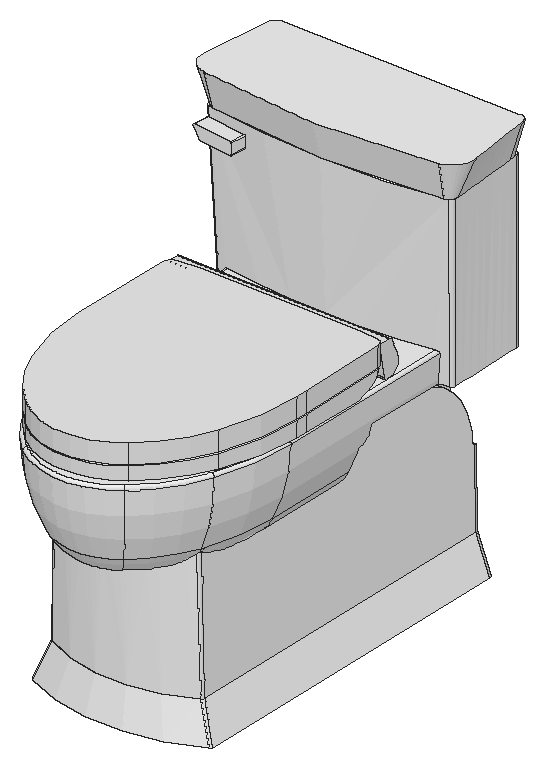
Revit family "Toilet-Elongated_Contemporary_Eco-Soiree_MS964214CEFG_TOTO", category Plumbing Fixtures, host Face, Revit 2013
Parameters
  ecoScorecard_data = "http://toto.ecoscorecard.com/product/MS964214CEFG"
  ecoScorecard Product Page = "http://toto.ecoscorecard.com/product/MS964214CEFG"
  Width = 1' - 5 3/4"  # constant formula
  WaterSense = yes
  Waste Connection NPT Radius = 0' - 1 3/32"  # constant formula
  Waste Connection = yes
  Warranty URL = "http://www.totousa.com/warranty-registration"
  Warranty = "One Year Limited Warranty"  # constant formula
  WFU = 0
  Vent Connection = yes
  URL = "http://www.totousa.com"
  Toto BIM Number = "BM-00116"  # constant formula
  Subcategory = "Toilets"  # constant formula
  Style = "Contemporary"  # constant formula
  Spec Sheet URL = "http://assets.totousa.com/product-files/SS-00401_MS964214CEFG.pdf"
  Shipping Weight = 120.00 lbf
  Series = "Eco Soiree"  # constant formula
  SanoGloss Note = "Ebony not available in SanoGloss"  # constant formula
  SanoGloss Available = yes
  Rough in Distance = 1' - 0"  # constant formula
  Rough in Availability = "10”,12”,14”"  # constant formula
  Product Page URL = " "
  Parts Manual URL = " "
  Mount Type = "Floor-Mounted"  # constant formula
  Model = "MS964214CEFG"  # constant formula
  Manufacturer Phone - Toll Free = "1-888-295-8134"  # constant formula
  Manufacturer Phone = "(770) 282-8686 "  # constant formula
  Manufacturer Fax = "(770) 282-0002"  # constant formula
  Manufacturer Email = "mailto:custservice@totousa.com "
  Manufacturer Address = "1155 Southern Road, Morrow, Georgia 30260"  # constant formula
  Manufacturer = "TOTO USA, Inc."  # constant formula
  Lid [instance] = yes
  Length = 2' - 4 1/8"  # constant formula
  Installation URL = " "
  Industry Standards = "Meets and exceeds ASME A112.19.2/CSA B45.1"  # constant formula
  Height = 2' - 3 3/4"  # constant formula
  HWFU = 0
  HW Connection = no
  Gallons Per Flush = 1.28 gal
  Flush System = "Double Cyclon"  # constant formula
  Finish = Vitreous China - TOTO - 01 Cotton
  Description = "Eco SoirÃ©eÂ® One Piece Toilet, Universal Height, 1.28 GPF"  # constant formula
  Default Elevation = 0' - 0"
  Cost Info = "mailto:custservice@totousa.com "
  Color Availability = "#01 Cotton, #03 Bone, #11 Colonial White, #12 Sedona Beige, #51 Ebony"  # constant formula
  Cold Water Connection NPT Radius = 0' - 0 1/4"  # constant formula
  Code Compliance = "UPC, IPC, NSPC, NPC Canada, and others"  # constant formula
  Certifications = "IAPMO (cUPC), State of Massachusetts, City of Los Angeles, and others"  # constant formula
  CWFU = 0
  CW Connection = yes
  CAD Drawing URL = "http://assets.totousa.com/product-files/AD-00180_MS964214C.dxf"
  Bowl Material = "Vitreous China"  # constant formula
  Assembly Code = "D2010110"
  ADA Compliant = yes
  95 CSI = "15410-800 "  # constant formula
  04 CSI = "22 42 13"  # constant formula
Types (2): name | ecoScorecard_data | ecoScorecard Product Page
  (no name) | "http://toto.ecoscorecard.com/product/MS964214CEFG" | "http://toto.ecoscorecard.com/product/MS964214CEFG"
  MS964214CEFG | " " | "  "
Reference planes (in)
  plane 1 "Center (Front/Back)": y = 0
  plane 2: z = 0
  plane 3 "Center (Left/Right)": x = 0
  plane 4: y = 14.0625
  plane 5 "Wall Closure": y = 14.8125
  plane 6: x = 8.875
  plane 7: x = -8.875
  plane 8: z = 27.75
  plane 9: z = 25.3841
  plane 10: y = 6.6875
  plane 11: z = 16.125
  plane 12: y = -14.0625
  plane 13: x = 7
  plane 14: x = -7
  plane 15: z = 13.9341
  plane 16: x = 5.875
  plane 17: x = -5.875
  plane 18: z = 2.375
  plane 19: z = 4.5
  plane 20: x = -8
  plane 21: y = 2.27823
  plane 22: z = 17.25
  plane 23: z = 9
  plane 24: y = 11.8575
  plane 25: y = -10.4255
Forms (in)
  Blend 1, solid, material "Vitreous China - TOTO - 01 Cotton" <- "Finish"
    base sketch origin (-23.875, -180, 25.3841) x (-1, 0, 0) y (0, -1, 0)
      loop
        arc (-16.33997, -187.96685) -> (-23.875, -187.3125) -> (-31.41003, -187.96685) r 43.71094
        arc (-31.41003, -187.96685) -> (-31.77431, -188.18614) -> (-31.89658, -188.59337) r 0.59
        line (-31.89658, -188.59337) -> (-31.5305, -193.34245)
        arc (-31.5305, -193.34245) -> (-31.28274, -193.85485) -> (-30.75281, -194.0625) r 0.78
        line (-30.75281, -194.0625) -> (-16.99719, -194.0625)
        arc (-16.99719, -194.0625) -> (-16.46726, -193.85485) -> (-16.2195, -193.34245) r 0.78
        line (-16.2195, -193.34245) -> (-15.85342, -188.59337)
        arc (-15.85342, -188.59337) -> (-15.97569, -188.18614) -> (-16.33997, -187.96685) r 0.59
    top sketch origin (-23.875, -180, 25.3841) x (-1, 0, 0) y (0, -1, 0)
      loop
        arc (-16.13655, -193.9625) -> (-15.74504, -193.81388) -> (-15.55077, -193.4429) r 0.59
        line (-15.55077, -193.4429) -> (-15.01041, -188.94659)
        arc (-15.01041, -188.94659) -> (-15.28452, -187.91488) -> (-16.19317, -187.3546) r 1.44156
        arc (-16.19317, -187.3546) -> (-23.875, -186.6875) -> (-31.55683, -187.3546) r 44.5625
        arc (-31.55683, -187.3546) -> (-32.46548, -187.91488) -> (-32.73959, -188.94659) r 1.44156
        line (-32.73959, -188.94659) -> (-32.19923, -193.4429)
        arc (-32.19923, -193.4429) -> (-32.00496, -193.81388) -> (-31.61345, -193.9625) r 0.59
        line (-31.61345, -193.9625) -> (-16.13655, -193.9625)
    from 0 to 2.3659
  Blend 2, solid, material "Vitreous China - TOTO - 01 Cotton"
    base sketch origin (-23.875, -180, 13.9341) x (-1, 0, 0) y (0, -1, 0)
      loop
        arc (-16.47545, -194.0625) -> (-16.29979, -193.99039) -> (-16.22547, -193.81565) r 0.25
        line (-16.22547, -193.81565) -> (-16.16117, -188.71899)
        arc (-16.16117, -188.71899) -> (-16.21863, -188.55636) -> (-16.36772, -188.46964) r 0.25
        arc (-16.36772, -188.46964) -> (-23.875, -187.8125) -> (-31.38228, -188.46964) r 43.21094
        arc (-31.38228, -188.46964) -> (-31.53137, -188.55636) -> (-31.58883, -188.71899) r 0.25
        line (-31.58883, -188.71899) -> (-31.52453, -193.81565)
        arc (-31.52453, -193.81565) -> (-31.45021, -193.99039) -> (-31.27455, -194.0625) r 0.25
        line (-31.27455, -194.0625) -> (-16.47545, -194.0625)
    top sketch origin (-23.875, -180, 13.9341) x (-1, 0, 0) y (0, -1, 0)
      loop
        arc (-31.71581, -188.02149) -> (-31.86896, -188.11479) -> (-31.92022, -188.28665) r 0.25
        line (-31.92022, -188.28665) -> (-31.49279, -193.83171)
        arc (-31.49279, -193.83171) -> (-31.41338, -193.99594) -> (-31.24353, -194.0625) r 0.25
        line (-31.24353, -194.0625) -> (-16.50647, -194.0625)
        arc (-16.50647, -194.0625) -> (-16.33662, -193.99594) -> (-16.25721, -193.83171) r 0.25
        line (-16.25721, -193.83171) -> (-15.82978, -188.28665)
        arc (-15.82978, -188.28665) -> (-15.88104, -188.11479) -> (-16.03419, -188.02149) r 0.25
        arc (-16.03419, -188.02149) -> (-23.875, -187.3125) -> (-31.71581, -188.02149) r 43.71094
    from 0 to 11.45
  Blend 3, solid, material "Vitreous China - TOTO - 01 Cotton" <- "Finish"
    base sketch origin (0, 0, 0) x (1, 0, 0) y (0, 1, 0)
      loop
        arc (-5.875, -8.78969) -> (-5.83893, -8.91905) -> (-5.74113, -9.01108) r 0.25
        arc (-5.74113, -9.01108) -> (0, -10.4255) -> (5.74113, -9.01108) r 12.35884
        arc (5.74113, -9.01108) -> (5.83893, -8.91905) -> (5.875, -8.78969) r 0.25
        line (5.875, -8.78969) -> (5.875, 13.8125)
        arc (5.875, 13.8125) -> (5.80178, 13.98928) -> (5.625, 14.0625) r 0.25
        line (5.625, 14.0625) -> (-5.625, 14.0625)
        arc (-5.625, 14.0625) -> (-5.80178, 13.98928) -> (-5.875, 13.8125) r 0.25
        line (-5.875, 13.8125) -> (-5.875, -8.78969)
    top sketch origin (0, 0, 0) x (1, 0, 0) y (0, 1, 0)
      loop
        arc (-4.96875, -8.32432) -> (-4.9346, -8.45044) -> (-4.8415, -8.54211) r 0.25
        arc (-4.8415, -8.54211) -> (0, -9.8125) -> (4.8415, -8.54211) r 9.86078
        arc (4.8415, -8.54211) -> (4.9346, -8.45044) -> (4.96875, -8.32432) r 0.25
        line (4.96875, -8.32432) -> (4.96875, 13.8125)
        arc (4.96875, 13.8125) -> (4.89553, 13.98928) -> (4.71875, 14.0625) r 0.25
        line (4.71875, 14.0625) -> (-4.71875, 14.0625)
        arc (-4.71875, 14.0625) -> (-4.89553, 13.98928) -> (-4.96875, 13.8125) r 0.25
        line (-4.96875, 13.8125) -> (-4.96875, -8.32432)
    from 0 to 2.375
  Blend 4, solid, material "Vitreous China - TOTO - 01 Cotton"
    base sketch origin (-23.875, -180, 2.375) x (-1, 0, 0) y (0, -1, 0)
      loop
        arc (-19.0335, -171.45789) -> (-23.875, -170.1875) -> (-28.7165, -171.45789) r 9.86078
        arc (-28.7165, -171.45789) -> (-28.8096, -171.54956) -> (-28.84375, -171.67568) r 0.25
        line (-28.84375, -171.67568) -> (-28.84375, -193.8125)
        arc (-28.84375, -193.8125) -> (-28.77053, -193.98928) -> (-28.59375, -194.0625) r 0.25
        line (-28.59375, -194.0625) -> (-19.15625, -194.0625)
        arc (-19.15625, -194.0625) -> (-18.97947, -193.98928) -> (-18.90625, -193.8125) r 0.25
        line (-18.90625, -193.8125) -> (-18.90625, -171.67568)
        arc (-18.90625, -171.67568) -> (-18.9404, -171.54956) -> (-19.0335, -171.45789) r 0.25
    top sketch origin (-23.875, -180, 2.375) x (-1, 0, 0) y (0, -1, 0)
      loop
        arc (-19.25794, -171.3352) -> (-23.875, -170.1875) -> (-28.49206, -171.3352) r 9.86078
        arc (-28.49206, -171.3352) -> (-28.5892, -171.42719) -> (-28.625, -171.5561) r 0.25
        line (-28.625, -171.5561) -> (-28.625, -193.8125)
        arc (-28.625, -193.8125) -> (-28.55178, -193.98928) -> (-28.375, -194.0625) r 0.25
        line (-28.375, -194.0625) -> (-19.375, -194.0625)
        arc (-19.375, -194.0625) -> (-19.19822, -193.98928) -> (-19.125, -193.8125) r 0.25
        line (-19.125, -193.8125) -> (-19.125, -171.5561)
        arc (-19.125, -171.5561) -> (-19.1608, -171.42719) -> (-19.25794, -171.3352) r 0.25
    from 0 to 11.5591
  Revolve 5, void
    sketch origin (-23.875, -180, 16.125) x (-1, 0, 0) y (0, -1, 0)
      loop
        arc (-23.875, -167.62502) -> (-25.05586, -167.83349) -> (-26.08749, -168.44474) r 3.34759
        arc (-26.08749, -168.44474) -> (-27.41084, -169.9107) -> (-28.34254, -171.65203) r 8.14641
        arc (-28.34254, -171.65203) -> (-28.97444, -173.86919) -> (-29.1875, -176.16478) r 12.47334
        line (-29.1875, -176.16478) -> (-29.1875, -176.62499)
        arc (-29.1875, -176.62499) -> (-27.64956, -180.3373) -> (-23.93725, -181.87499) r 5.25
        line (-23.93725, -181.87499) -> (-23.875, -181.87499) -> (-23.875, -167.62502)
      axis (-23.875, -167.62502) -> (-23.875, -181.87499)
    angle from 0 to 180
  Extrusion 6, solid, material "Metal", detail levels fine
    sketch origin (7, 14.8125, 48) x (-1, 0, 0) y (0, 0, 1)
      loop
        circle (15, -43.5) r 0.25
    from 0 to 0.25
  Sweep 7, solid, material "Vitreous China - TOTO - 01 Cotton"
    path origin (-23.87752, -179.97061, 16.125) x (-1, 0, 0) y (0, -1, 0)
      loop
        line (-30.87752, -194.03311) -> (-30.87752, -176.14208)
        arc (-30.87752, -176.14208) -> (-30.63567, -173.5361) -> (-29.91838, -171.01913) r 14.16084
        arc (-29.91838, -171.01913) -> (-28.7937, -168.91727) -> (-27.19632, -167.14779) r 9.83391
        arc (-27.19632, -167.14779) -> (-23.87752, -165.90811) -> (-20.55872, -167.14779) r 5.0623
        arc (-20.55872, -167.14779) -> (-18.96134, -168.91727) -> (-17.83667, -171.01913) r 9.83391
        arc (-17.83667, -171.01913) -> (-17.11937, -173.5361) -> (-16.87752, -176.14208) r 14.16084
        line (-16.87752, -176.14208) -> (-16.87752, -194.03311)
    profile origin (-7, 5.11699, 16.125) x (-1, 0, 0) y (0, 0, 1)
      loop
        line (-4.62248, 0) -> (-4.62248, -6.67121) -> (-4.07348, -6.67121)
        arc (-4.07348, -6.67121) -> (-2.38876, -6.20046) -> (-1.19209, -4.92457) r 3.25
        arc (-1.19209, -4.92457) -> (-0.31839, -2.63268) -> (0.0016, -0.20087) r 10.53389
        arc (0.0016, -0.20087) -> (-0.05541, -0.05901) -> (-0.19646, 0) r 0.19807
        line (-0.19646, 0) -> (-4.62248, 0)
  Extrusion 8, solid, material "Vitreous China - TOTO - 01 Cotton"
    sketch origin (-23.875, -180, 16.125) x (-1, 0, 0) y (0, -1, 0)
      loop
        arc (-25.60616, -172.71999) -> (-26.08954, -174.41573) -> (-26.25252, -176.17147) r 9.53836
        line (-26.25252, -176.17147) -> (-26.25252, -194.0625) -> (-21.49748, -194.0625) -> (-21.49748, -176.17147)
        arc (-21.49748, -176.17147) -> (-21.66046, -174.41573) -> (-22.14384, -172.71999) r 9.53836
        arc (-22.14384, -172.71999) -> (-22.73991, -171.60572) -> (-23.58666, -170.66768) r 5.21144
        arc (-23.58666, -170.66768) -> (-23.875, -170.55998) -> (-24.16334, -170.66768) r 0.43982
        arc (-24.16334, -170.66768) -> (-25.01009, -171.60572) -> (-25.60616, -172.71999) r 5.21144
    from 0 to -6.67121
  Extrusion 9, void
    sketch origin (0, 0, 0) x (0, -1, 0) y (0, 0, 1)
      loop
        arc (-13.61113, 7.69304) -> (-13.58105, 8.2727) -> (-13.4818, 8.8446) r 4.84003
        arc (-13.4818, 8.8446) -> (-13.28031, 11.7123) -> (-14.00054, 14.4954) r 8.92869
        arc (-14.00054, 14.4954) -> (-14.04684, 14.63936) -> (-14.0625, 14.78977) r 0.73024
        line (-14.0625, 14.78977) -> (-14.8125, 14.78977) -> (-14.8125, 7.21433) -> (-14.0625, 7.21433) -> (-14.0625, 7.31628)
        arc (-14.0625, 7.31628) -> (-14.02597, 7.40447) -> (-13.93778, 7.441) r 0.12472
        line (-13.93778, 7.441) -> (-13.86112, 7.441)
        arc (-13.86112, 7.441) -> (-13.68362, 7.51495) -> (-13.61113, 7.69304) r 0.25
    from 8.875 to -8.875
  Extrusion 10, void
    sketch origin (-8.875, 2.76529, 48) x (0, 1, 0) y (0, 0, -1)
      loop
        line (12.04721, 33.86716) -> (12.04721, 40.559) -> (11.09582, 40.559)
        arc (11.09582, 40.559) -> (10.91833, 40.48505) -> (10.84583, 40.30696) r 0.25
        arc (10.84583, 40.30696) -> (10.81576, 39.7273) -> (10.71651, 39.1554) r 4.84003
        arc (10.71651, 39.1554) -> (8.99667, 36.45188) -> (5.97033, 35.39923) r 4.87665
        line (5.97033, 35.39923) -> (-0.48707, 35.39923)
        arc (-0.48707, 35.39923) -> (-0.472, 35.24227) -> (-0.4577, 35.08523) r 31.89615
        arc (-0.4577, 35.08523) -> (-0.0234, 34.89275) -> (0.1548, 34.4524) r 0.63317
        line (0.1548, 34.4524) -> (0.1548, 33.98488)
        arc (0.1548, 33.98488) -> (0.18928, 33.90164) -> (0.27252, 33.86716) r 0.11772
        line (0.27252, 33.86716) -> (12.04721, 33.86716)
    from -5.17942 to 0
  Extrusion 11, void
    sketch origin (8.875, 2.76529, 48) x (0, 1, 0) y (0, 0, 1)
      loop
        line (10.71651, -39.1554) -> (12.04721, -39.1554) -> (12.04721, -33.86716) -> (0.27252, -33.86716)
        arc (0.27252, -33.86716) -> (0.18928, -33.90164) -> (0.1548, -33.98488) r 0.11772
        line (0.1548, -33.98488) -> (0.1548, -34.4524)
        arc (0.1548, -34.4524) -> (-0.0234, -34.89275) -> (-0.4577, -35.08523) r 0.63317
        arc (-0.4577, -35.08523) -> (-0.472, -35.24227) -> (-0.48707, -35.39923) r 31.89615
        line (-0.48707, -35.39923) -> (5.97033, -35.39923)
        arc (5.97033, -35.39923) -> (8.99667, -36.45188) -> (10.71651, -39.1554) r 4.87665
    from 0 to -5.1875
  Extrusion 12, void
    sketch origin (7, 14.8125, 48) x (1, 0, 0) y (0, 0, 1)
      loop
        line (-11.77523, -35.39923) -> (-13.41389, -35.39923)
        arc (-13.41389, -35.39923) -> (-13.13629, -36.11039) -> (-12.80791, -36.79957) r 10.53389
        arc (-12.80791, -36.79957) -> (-12.38214, -37.42517) -> (-11.82323, -37.93534) r 3.25
        line (-11.82323, -37.93534) -> (-11.77523, -35.39923)
      loop
        line (-2.22477, -35.39923) -> (-2.17677, -37.93534)
        arc (-2.17677, -37.93534) -> (-1.61786, -37.42517) -> (-1.19209, -36.79957) r 3.25
        arc (-1.19209, -36.79957) -> (-0.86371, -36.11039) -> (-0.58611, -35.39923) r 10.53389
        line (-0.58611, -35.39923) -> (-2.22477, -35.39923)
    from 0 to 12.53427
  Extrusion 13, solid, material "Polished Chrome", detail levels fine
    sketch origin (6.35256, 5.20489, 48.8107) x (-0.992546, 0.121869, 0) y (0, 0, 1)
      loop
        arc (11.78944, -24.0366) -> (11.73813, -24.05786) -> (11.71688, -24.10917) r 0.07256
        line (11.71688, -24.10917) -> (11.71688, -24.78662)
        arc (11.71688, -24.78662) -> (11.7307, -24.81998) -> (11.76407, -24.8338) r 0.04719
        line (11.76407, -24.8338) -> (13.93822, -24.8338)
        arc (13.93822, -24.8338) -> (14.02892, -24.81161) -> (14.09914, -24.75003) r 0.19645
        line (14.09914, -24.75003) -> (14.48513, -24.19878)
        arc (14.48513, -24.19878) -> (14.49212, -24.09208) -> (14.40071, -24.0366) r 0.10306
        line (14.40071, -24.0366) -> (11.78944, -24.0366)
    from 0 to 0.98828
  Extrusion 14, void
    sketch origin (-23.875, -180, 16.125) x (0, -1, 0) y (-1, 0, 0)
      loop
        arc (-179.17533, -22.75) -> (-180, -23.875) -> (-179.17533, -25) r 1.17969
        arc (-179.17533, -25) -> (-178.01758, -24.86132) -> (-176.92533, -24.45313) r 4.90201
        arc (-176.92533, -24.45313) -> (-176.57056, -23.875) -> (-176.92533, -23.29687) r 0.64844
        arc (-176.92533, -23.29687) -> (-178.01758, -22.88868) -> (-179.17533, -22.75) r 4.90201
    from 0 to 7.125
  Extrusion 15, solid, material "Polypropylene", visible <- "Lid"
    sketch origin (-0.00056, -4.4375, 16.125) x (1, 0, 0) y (0, 1, 0)
      loop
        arc (-3.37958, -8.11342) -> (0.00112, -9.375) -> (3.38126, -8.11196) r 5.15747
        arc (3.38126, -8.11196) -> (4.99589, -6.32435) -> (6.13416, -4.20141) r 9.96061
        arc (6.13416, -4.20141) -> (6.8611, -1.65629) -> (7.10621, 0.97923) r 14.29131
        line (7.10621, 0.97923) -> (7.10621, 1.74742)
        arc (7.10621, 1.74742) -> (7.0839, 4.71197) -> (7.01697, 7.67584) r 196.96811
        arc (7.01697, 7.67584) -> (6.85863, 8.06078) -> (6.48571, 8.24566) r 0.59055
        arc (6.48571, 8.24566) -> (5.9004, 8.3074) -> (5.31451, 8.3633) r 58.90699
        arc (5.31451, 8.3633) -> (0.04963, 8.6029) -> (-5.21563, 8.37215) r 59.055
        arc (-5.21563, 8.37215) -> (-5.85397, 8.31206) -> (-6.49161, 8.24504) r 59.055
        arc (-6.49161, 8.24504) -> (-6.86065, 8.05861) -> (-7.01697, 7.67584) r 0.59055
        arc (-7.01697, 7.67584) -> (-7.0839, 4.71197) -> (-7.10621, 1.74742) r 196.96811
        line (-7.10621, 1.74742) -> (-7.10621, 0.97923)
        arc (-7.10621, 0.97923) -> (-6.8611, -1.65629) -> (-6.13416, -4.20141) r 14.29131
        arc (-6.13416, -4.20141) -> (-4.99524, -6.32526) -> (-3.37958, -8.11342) r 9.96061
    from 1.22544 to 2.5
  Extrusion 16, solid, material "Polypropylene"
    sketch origin (-0.00056, -4.4375, 16.125) x (1, 0, 0) y (0, 1, 0)
      loop
        arc (-3.37958, -8.11342) -> (0.00056, -9.375) -> (3.38043, -8.11268) r 5.15747
        arc (3.38043, -8.11268) -> (4.99557, -6.3248) -> (6.13416, -4.20141) r 9.96061
        arc (6.13416, -4.20141) -> (6.8611, -1.65629) -> (7.10621, 0.97923) r 14.29131
        line (7.10621, 0.97923) -> (7.10621, 1.74742)
        arc (7.10621, 1.74742) -> (7.0839, 4.71197) -> (7.01697, 7.67584) r 196.96811
        arc (7.01697, 7.67584) -> (6.86065, 8.05861) -> (6.49161, 8.24504) r 0.59055
        arc (6.49161, 8.24504) -> (5.79693, 8.31771) -> (5.10145, 8.38216) r 59.055
        line (5.10145, 8.38216) -> (5.10145, 8.08557) -> (0, 8.08557) -> (-5.10145, 8.08557) -> (-5.10145, 8.38216)
        arc (-5.10145, 8.38216) -> (-5.79693, 8.31771) -> (-6.49161, 8.24504) r 59.055
        arc (-6.49161, 8.24504) -> (-6.86065, 8.05861) -> (-7.01697, 7.67584) r 0.59055
        arc (-7.01697, 7.67584) -> (-7.0839, 4.71197) -> (-7.10621, 1.74742) r 196.96811
        line (-7.10621, 1.74742) -> (-7.10621, 0.97923)
        arc (-7.10621, 0.97923) -> (-6.8611, -1.65629) -> (-6.13416, -4.20141) r 14.29131
        arc (-6.13416, -4.20141) -> (-4.99524, -6.32526) -> (-3.37958, -8.11342) r 9.96061
      loop
        arc (-4, 2.16691) -> (-3.5144, -2.0863) -> (-2.01596, -6.09633) r 17.59326
        arc (-2.01596, -6.09633) -> (0.05388, -7.01704) -> (2.07193, -5.98778) r 2.63087
        arc (2.07193, -5.98778) -> (3.52855, -2.0269) -> (4, 2.16691) r 17.59326
        arc (4, 2.16691) -> (0, 4.98077) -> (-4, 2.16691) r 4.25
    from 0 to 1.125
  Extrusion 17, solid, material "Polypropylene", visible <- "Lid"
    sketch origin (-0.00056, -4.38427, 16.125) x (0, 1, 0) y (0, 0, 1)
      loop
        arc (8.27845, 0.31833) -> (8.34321, 0.21667) -> (8.46088, 0.19059) r 0.15748
        arc (8.46088, 0.19059) -> (8.68184, 0.20743) -> (8.89519, 0.26731) r 1.12339
        arc (8.89519, 0.26731) -> (9.31068, 0.57216) -> (9.32177, 1.08738) r 0.58259
        arc (9.32177, 1.08738) -> (9.14599, 1.56601) -> (8.89207, 2.00818) r 3.01567
        line (8.89207, 2.00818) -> (8.99874, 2.00818) -> (8.84753, 2.33245)
        arc (8.84753, 2.33245) -> (8.77638, 2.41432) -> (8.67265, 2.44607) r 0.19685
        arc (8.67265, 2.44607) -> (8.28683, 2.45276) -> (7.90099, 2.45896) r 314.96
        line (7.90099, 2.45896) -> (8.27845, 0.31833)
    from -6.93403 to 6.95034
  Extrusion 18, void
    sketch origin (-8.875, 2.76529, 48) x (0, 1, 0) y (0, 0, -1)
      loop
        arc (-1.15234, 31.83512) -> (-0.78143, 31.70213) -> (-0.40739, 31.5782) r 16.19341
        arc (-0.40739, 31.5782) -> (0.16826, 31.28092) -> (0.53958, 30.75) r 1.35237
        line (0.53958, 30.75) -> (1.42221, 30.75) -> (1.42221, 31.875) -> (-16.57779, 31.875) -> (-16.57779, 31.56587) -> (-1.15234, 31.83512)
    from 0 to -17.75
  Extrusion 19, solid, material "Polypropylene", detail levels fine
    sketch origin (-23.875, -180, 16.125) x (-1, 0, 0) y (0, -1, 0)
      loop
        circle (-29.17188, -172.0625) r 0.75
      loop
        circle (-18.57812, -172.0625) r 0.75
    from 0 to 0.53437
  Extrusion 20, void
    sketch origin (0, 0, 0) x (0, 1, 0) y (1, 0, 0)
      loop
        circle (11.8575, 0) r 1.09375
    from 0 to -0.5
Cuts and joins
  Extrusion 9, Extrusion 10, Extrusion 11, Extrusion 12, Extrusion 14 cuts Blend 2
  Revolve 5, Extrusion 9, Extrusion 10, Extrusion 11, Extrusion 12, Extrusion 14 cuts Blend 4
  Revolve 5, Extrusion 9, Extrusion 10, Extrusion 11, Extrusion 12, Extrusion 14 cuts Sweep 7
  Revolve 5, Extrusion 9, Extrusion 10, Extrusion 11, Extrusion 12, Extrusion 14 cuts Extrusion 8
  joined: Blend 2, Blend 4, Sweep 7, Extrusion 8
  Extrusion 18 cuts Extrusion 16
  Extrusion 20 cuts Blend 3
Lines and regions (in)
  Masking region 1
    outline origin (0, 0, 0) x (1, 0, 0) y (0, 1, 0)
      loop
        line (-8.32423, 13.4429) -> (-8.86459, 8.94659)
        arc (-8.86459, 8.94659) -> (-8.59048, 7.91488) -> (-7.68183, 7.3546) r 1.44156
        line (-7.68183, 7.3546) -> (-7.00544, 7.23623) -> (-7.00544, 3.34078)
        arc (-7.00544, 3.34078) -> (-7.01373, 3.28982) -> (-7.01754, 3.23834) r 0.59055
        arc (-7.01754, 3.23834) -> (-7.08879, -0.02809) -> (-7.10585, -3.29526) r 196.96811
        arc (-7.10585, -3.29526) -> (-6.87646, -6.01364) -> (-6.13472, -8.63891) r 14.29131
        arc (-6.13472, -8.63891) -> (-5.07269, -10.72074) -> (-3.60777, -12.5417) r 11.37946
        arc (-3.60777, -12.5417) -> (0.01723, -14.05399) -> (3.64223, -12.5417) r 5.10076
        arc (3.64223, -12.5417) -> (5.09573, -10.72296) -> (6.13359, -8.63891) r 10.99271
        arc (6.13359, -8.63891) -> (6.83373, -6.23283) -> (7.10284, -3.74146) r 14.29131
        arc (7.10284, -3.74146) -> (7.09055, -0.25117) -> (7.01641, 3.23834) r 196.96811
        arc (7.01641, 3.23834) -> (7.01162, 3.29766) -> (7.00089, 3.3562) r 0.59055
        line (7.00089, 3.3562) -> (7.00089, 7.24087) -> (7.67073, 7.3527)
        arc (7.67073, 7.3527) -> (8.58711, 7.91037) -> (8.86459, 8.94659) r 1.44156
        line (8.86459, 8.94659) -> (8.32423, 13.4429)
        arc (8.32423, 13.4429) -> (8.12996, 13.81388) -> (7.73845, 13.9625) r 0.59
        line (7.73845, 13.9625) -> (7.39724, 14.0625) -> (-7.39724, 14.0625) -> (-7.73845, 13.9625)
        arc (-7.73845, 13.9625) -> (-8.12996, 13.81388) -> (-8.32423, 13.4429) r 0.59
  symbolic lines
    curve 1: arc (-7.00544, 7.24159, 27.75) -> (-0.0023, 6.6875, 27.75) -> (7.00089, 7.24087, 27.75) r 44.5625
    curve 2: line (7.73845, 13.9625, 27.75) -> (-7.73845, 13.9625, 27.75)
    curve 3: arc (1.125, -0.82467, 27.75) -> (0.98632, -1.98242, 27.75) -> (0.57812, -3.07467, 27.75) r 4.90201
    curve 4: arc (0.57813, -3.07467, 27.75) -> (0, -3.42944, 27.75) -> (-0.57813, -3.07467, 27.75) r 0.64844
    curve 5: arc (-0.57813, -3.07467, 27.75) -> (-0.98632, -1.98242, 27.75) -> (-1.125, -0.82467, 27.75) r 4.90201
    curve 6: arc (-1.125, -0.82467, 27.75) -> (0, 0, 27.75) -> (1.125, -0.82467, 27.75) r 1.17969
    curve 7: arc (3.99944, -2.27059, 27.75) -> (3.52799, -6.4644, 27.75) -> (2.07137, -10.42528, 27.75) r 17.59326
    curve 8: arc (-4.00056, -2.27059, 27.75) -> (-0.00056, 0.54327, 27.75) -> (3.99944, -2.27059, 27.75) r 4.25
    curve 9: arc (-2.01652, -10.53383, 27.75) -> (-3.51496, -6.5238, 27.75) -> (-4.00056, -2.27059, 27.75) r 17.59326
    curve 10: arc (2.07137, -10.42528, 27.75) -> (0.05331, -11.45454, 27.75) -> (-2.01652, -10.53383, 27.75) r 2.63087
    curve 11: arc (-3.38014, -12.55092, 27.75) -> (0.00055, -13.8125, 27.75) -> (3.3807, -12.54946, 27.75) r 5.15747
    curve 12: arc (3.3807, -12.54946, 27.75) -> (4.99532, -10.76185, 27.75) -> (6.13359, -8.63891, 27.75) r 9.96061
    curve 13: arc (-6.13472, -8.63891, 27.75) -> (-4.99581, -10.76276, 27.75) -> (-3.38014, -12.55092, 27.75) r 9.96061
    curve 14: arc (-6.49217, 3.80754, 27.75) -> (-6.86121, 3.62111, 27.75) -> (-7.01754, 3.23834, 27.75) r 0.59055
    curve 15: arc (-5.10201, 3.94466, 27.75) -> (-5.7975, 3.88021, 27.75) -> (-6.49217, 3.80754, 27.75) r 59.055
    curve 16: line (-5.10201, 2.27823, 27.75) -> (-5.10201, 3.94466, 27.75)
    curve 17: arc (7.01641, 3.23834, 27.75) -> (6.86008, 3.62111, 27.75) -> (6.49104, 3.80754, 27.75) r 0.59055
    curve 18: arc (6.49104, 3.80754, 27.75) -> (5.79637, 3.88021, 27.75) -> (5.10089, 3.94466, 27.75) r 59.055
    curve 19: line (5.10089, 3.94466, 27.75) -> (5.10089, 2.27823, 27.75)
    curve 20: line (5.10089, 2.27823, 27.75) -> (-5.10201, 2.27823, 27.75)
Dimensions and locks (in)
  locked: plane 5 "Wall Closure" to plane 4 at 0.75
  equal spacing: plane 7, plane 3 "Center (Left/Right)", plane 6
  "Width": plane 7 to plane 6
  "Height": plane 8 to plane 2
  locked: plane 8 to plane 9 at 2.3659
  locked: plane 4 to plane 10 at 7.375
  plane 4 to Blend 1 sketch curve to Blend 1 sketch curve to Blend 1 sketch curve = 0' - 0.72005" locked, 0' - 4.74908" locked, 0' - 0.62651" locked  (x2)
  equal spacing: Blend 1 sketch curve, plane 3 "Center (Left/Right)", Blend 1 sketch curve, locked at 7.53503 each
  equal spacing: Blend 1 sketch curve, plane 3 "Center (Left/Right)", Blend 1 sketch curve, locked at 8.02158 each
  equal spacing: Blend 1 sketch curve, plane 3 "Center (Left/Right)", Blend 1 sketch curve, locked at 7.6555 each
  equal spacing: Blend 1 sketch curve, plane 3 "Center (Left/Right)", Blend 1 sketch curve, locked at 6.87781 each
  locked: plane 11 to plane 2 at 16.125
  locked: plane 1 "Center (Front/Back)" to plane 10 at 6.6875
  "Length": plane 4 to plane 12
  plane 14 to plane 3 "Center (Left/Right)" to plane 13 = 0' - 7" locked, 0' - 7" locked
  locked: plane 15 to plane 2 at 13.9341
  locked: plane 4 to Blend 2 sketch curve at 0.24685  (x2)
  locked: plane 4 to Blend 2 sketch curve at 5.34351  (x2)
  Blend 2 sketch curve to plane 3 "Center (Left/Right)" to Blend 2 sketch curve = 0' - 7.50728" locked, 0' - 7.50728" locked
  Blend 2 sketch curve to plane 3 "Center (Left/Right)" to Blend 2 sketch curve = 0' - 7.39955" locked, 0' - 7.39955" locked
  Blend 2 sketch curve to plane 3 "Center (Left/Right)" to Blend 2 sketch curve = 0' - 7.84081" locked, 0' - 7.84081" locked
  Blend 2 sketch curve to plane 3 "Center (Left/Right)" to Blend 2 sketch curve = 0' - 7.36853" locked, 0' - 7.36853" locked
  locked: plane 4 to Blend 2 sketch curve at 5.77585  (x2)
  equal spacing: plane 17, plane 3 "Center (Left/Right)", plane 16
  locked: plane 17 to plane 16 at 11.75
  locked: plane 18 to plane 2 at 2.375
  equal spacing: Blend 3 sketch curve, plane 3 "Center (Left/Right)", Blend 3 sketch curve
  locked: Blend 3 sketch curve to Blend 3 sketch curve at 9.9375
  locked: Blend 3 sketch curve to plane 1 "Center (Front/Back)" at 9.8125
  locked: Blend 3 sketch curve to plane 1 "Center (Front/Back)" at 8.32432  (x2)
  Blend 4 sketch curve to plane 3 "Center (Left/Right)" to Blend 4 sketch curve = 0' - 4 3/4" locked, 0' - 4 3/4" locked
  locked: Revolve 5 sketch curve to plane 12 at 1.68747
  locked: Revolve 5 sketch curve to plane 12 at 5.71453
  locked: Revolve 5 sketch curve to plane 12 at 10.22728
  locked: plane 3 "Center (Left/Right)" to Revolve 5 sketch curve at 5.3125
  locked: plane 19 to plane 2 at 4.5
  locked: plane 3 "Center (Left/Right)" to plane 20 at 8
  locked: plane 19 to Extrusion 6 sketch curve at 0
  locked: plane 20 to Extrusion 6 sketch curve at 0
  locked: Extrusion 6 to plane 5 "Wall Closure" at 0.25
  locked: plane 3 "Center (Left/Right)" to Sweep 7 sketch curve at 2.37752
  locked: plane 11 to Sweep 7 sketch curve at 6.67121
  locked: plane 3 "Center (Left/Right)" to Sweep 7 sketch curve at 2.92652
  locked: plane 3 "Center (Left/Right)" to Sweep 7 sketch curve at 7.0016
  Blend 4 sketch curve to plane 3 "Center (Left/Right)" to Blend 4 sketch curve = 0' - 4.61706" locked, 0' - 4.61706" locked
  locked: Blend 4 sketch curve to plane 1 "Center (Front/Back)" at 8.4439  (x2)
  locked: Sweep 7 sketch curve to plane 12 at 10.23397  (x2)
  locked: Sweep 7 sketch curve to plane 12 at 5.11102  (x2)
  Sweep 7 sketch curve to plane 3 "Center (Left/Right)" to Sweep 7 sketch curve = 0' - 3.3188" locked, 0' - 3.3188" locked
  Sweep 7 sketch curve to plane 3 "Center (Left/Right)" to Sweep 7 sketch curve = 0' - 6.04085" locked, 0' - 6.04085" locked
  locked: plane 4 to Blend 1 sketch curve at 0.1
  locked: plane 4 to Blend 1 sketch curve at 7.375
  Blend 1 sketch curve to plane 3 "Center (Left/Right)" to Blend 1 sketch curve = 0' - 7.73845" locked, 0' - 7.73845" locked
  Blend 1 sketch curve to plane 3 "Center (Left/Right)" to Blend 1 sketch curve = 0' - 7.68183" locked, 0' - 7.68183" locked
  plane 4 to Blend 1 sketch curve to Blend 1 sketch curve = 0' - 0.6196" locked, 0' - 4.49631" locked  (x2)
  locked: Extrusion 9 sketch curve to plane 2 at 14.78977
  locked: plane 5 "Wall Closure" to Extrusion 9 sketch curve at 0.75
  locked: plane 5 "Wall Closure" to Extrusion 9 sketch curve at 1.20137
  locked: plane 5 "Wall Closure" to Extrusion 9 sketch curve at 1.3307
  locked: plane 5 "Wall Closure" to Extrusion 9 sketch curve at 0.81196
  locked: cut or joined group 1 (Blend 2, Blend 4, Revolve 5, Sweep 7, Extrusion 8, Extrusion 9, Extrusion 10, Extrusion 11, Extrusion 12, Extrusion 14) to plane 7 at 5.17942
  locked: cut or joined group 1 to plane 6 at 5.1875
  locked: plane 5 "Wall Closure" to plane 21 at 12.53427
  locked: Extrusion 9 sketch curve to plane 2 at 7.21433
  locked: plane 11 to Extrusion 10 sketch curve at 1.99216
  plane 11 to Extrusion 10 sketch curve = 0' - 8.684"
  locked: plane 11 to Extrusion 10 sketch curve at 3.52423
  locked: plane 5 "Wall Closure" to Extrusion 10 sketch curve at 11.89241
  locked: plane 5 "Wall Closure" to Extrusion 10 sketch curve at 1.20137
  locked: plane 5 "Wall Closure" to Extrusion 10 sketch curve at 6.07688
  locked: plane 5 "Wall Closure" to Extrusion 10 sketch curve at 12.50491
  locked: Extrusion 13 sketch curve to Extrusion 13 sketch curve at 0.7972
  locked: Extrusion 13 sketch curve to Extrusion 13 sketch curve at 2.76825
  locked: Extrusion 13 sketch curve to Extrusion 13 sketch curve at 2.22134
  locked: Extrusion 13 to Extrusion 13 at 0.98828
  locked: plane 4 to Extrusion 13 at 6.11141
  locked: plane 8 to Extrusion 13 at 2.9759
  locked: plane 22 to plane 2 at 17.25
  locked: plane 23 to plane 2 at 9
  Extrusion 14 sketch curve to Extrusion 14 sketch curve to plane 1 "Center (Front/Back)" = 0' - 2 1/4" locked, 0' - 0.82467" locked  (x2)
  Extrusion 14 sketch curve to plane 3 "Center (Left/Right)" to Extrusion 14 sketch curve = 0' - 1 1/8" locked, 0' - 1 1/8" locked
  Extrusion 14 sketch curve to plane 3 "Center (Left/Right)" to Extrusion 14 sketch curve = 0' - 0 37/64" locked, 0' - 0 37/64" locked
  locked: Extrusion 16 sketch curve to plane 12 at 17.71057
  Extrusion 16 sketch curve to plane 3 "Center (Left/Right)" to Extrusion 16 sketch curve = 0' - 5.10201" locked, 0' - 5.10089" locked
  locked: Extrusion 16 sketch curve to plane 12 at 5.40747
  locked: Extrusion 16 sketch curve to plane 12 at 3.52867
  locked: Extrusion 16 sketch curve to plane 12 at 3.63722
  locked: Extrusion 16 sketch curve to plane 12 at 11.79191  (x2)
  locked: plane 3 "Center (Left/Right)" to Extrusion 16 sketch curve at 2.07137
  locked: Extrusion 16 sketch curve to plane 3 "Center (Left/Right)" at 2.01652
  Extrusion 16 sketch curve to plane 3 "Center (Left/Right)" to Extrusion 16 sketch curve = 0' - 4.00056" locked, 0' - 3.99944" locked
  Extrusion 16 sketch curve to plane 3 "Center (Left/Right)" to Extrusion 16 sketch curve = 0' - 7.01754" locked, 0' - 7.01641" locked
  locked: plane 1 "Center (Front/Back)" to Extrusion 16 sketch curve at 3.94466  (x2)
  locked: Extrusion 15 sketch curve to plane 12 at 1.51304
  locked: Extrusion 15 sketch curve to plane 12 at 5.42359  (x2)
  locked: Extrusion 15 sketch curve to plane 12 at 10.60423  (x2)
  locked: Extrusion 15 sketch curve to plane 12 at 17.30084  (x2)
  locked: Extrusion 15 sketch curve to plane 12 at 1.51158
  Extrusion 15 sketch curve to plane 3 "Center (Left/Right)" to Extrusion 15 sketch curve = 0' - 3.38014" locked, 0' - 3.3807" locked
  Extrusion 15 sketch curve to plane 3 "Center (Left/Right)" to Extrusion 15 sketch curve = 0' - 6.13472" locked, 0' - 6.13359" locked
  Extrusion 15 sketch curve to plane 3 "Center (Left/Right)" to Extrusion 15 sketch curve = 0' - 7.10677" locked, 0' - 7.10565" locked
  Extrusion 15 sketch curve to plane 3 "Center (Left/Right)" to Extrusion 15 sketch curve = 0' - 7.01754" locked, 0' - 7.01641" locked
  locked: Extrusion 15 sketch curve to plane 12 at 18.22792
  Extrusion 15 to Extrusion 15 to plane 11 = 0' - 1.27456" locked, 0' - 1.22544" locked
  Extrusion 17 to plane 3 "Center (Left/Right)" to Extrusion 17 = 0' - 6.93459" locked, 0' - 6.94977" locked
  locked: Extrusion 17 sketch curve to Extrusion 17 sketch curve at 0.77166
  locked: Extrusion 17 sketch curve to Extrusion 17 sketch curve at 1.09798
  locked: Extrusion 17 sketch curve to plane 15 at 2.37909
  locked: Extrusion 17 sketch curve to plane 15 at 4.64986
  locked: plane 15 to Extrusion 17 sketch curve at 4.19908
  locked: Extrusion 18 sketch curve to plane 12 at 0.25
  locked: Extrusion 18 sketch curve to plane 11 at 0.30913
  Extrusion 18 sketch curve to Extrusion 18 sketch curve to plane 12 = 0' - 0.88263" locked, 1' - 5.36737" locked
  locked: Extrusion 18 sketch curve to plane 12 at 15.67545
  locked: Extrusion 19 to plane 11 at 0.53437
  Extrusion 19 sketch curve to plane 3 "Center (Left/Right)" to Extrusion 19 sketch curve = 0' - 5 19/64" locked, 0' - 5 19/64" locked
  locked: Extrusion 19 sketch curve to plane 12 at 6.125  (x2)
  locked: Masking region 1 sketch curve to plane 12 at 1.5208  (x2)
  locked: Masking region 1 sketch curve to plane 12 at 5.42359  (x2)
  Masking region 1 sketch curve to plane 3 "Center (Left/Right)" to Masking region 1 sketch curve = 0' - 3.60777" locked, 0' - 3.64223" locked
  locked: plane 4 to plane 24 at 2.205
  locked: plane 24 to Extrusion 20 sketch curve at 0
  locked: plane 3 "Center (Left/Right)" to Extrusion 20 sketch curve at 0
  locked: cut or joined group of Blend 3, Extrusion 20 to plane 2 at 0.5
  locked: plane 4 to plane 25 at 24.488
  locked: plane 25 to Blend 3 sketch curve at 0
  locked: Blend 3 sketch curve to plane 25 at 1.63581  (x2)
  radius of Blend 1 sketch curve = 0' - 0.59"  (x4)
  radius of Blend 1 sketch curve = 0' - 0.78"  (x2)
  radius of Blend 2 sketch curve = 3' - 7 27/128"
  radius of Blend 2 sketch curve = 3' - 7 91/128"
  radius of Blend 3 sketch curve = 0' - 0 1/4"  (x8)
  radius of Blend 3 sketch curve = 0' - 9.86078"
  radius of Blend 4 sketch curve = 0' - 0 1/4"  (x4)
  radius of Revolve 5 sketch curve = 0' - 3.34759"
  radius of Revolve 5 sketch curve = 0' - 8.14641"
  radius of Revolve 5 sketch curve = 1' - 0.47334"
  radius of Revolve 5 sketch curve = 0' - 5 1/4"
  "Cold Water Connection NPT Radius": radius of Extrusion 6 sketch curve
  radius of Sweep 7 sketch curve = 0' - 10.53389"
  radius of Sweep 7 sketch curve = 0' - 3 1/4"
  radius of Sweep 7 sketch curve = 0' - 0.19807"
  radius of Blend 4 sketch curve = 0' - 9.86078"
  radius of Sweep 7 sketch curve = 1' - 2.16084"  (x2)
  radius of Sweep 7 sketch curve = 0' - 9.83391"  (x2)
  radius of Sweep 7 sketch curve = 0' - 5.0623"
  radius of Blend 1 sketch curve = 0' - 1.44156"  (x2)
  radius of Blend 1 sketch curve = 3' - 8 9/16"
  radius of Extrusion 9 sketch curve = 0' - 8.92869"
  radius of Extrusion 9 sketch curve = 0' - 0.73024"
  radius of Extrusion 10 sketch curve = 0' - 4.87665"  (x2)
  radius of Extrusion 9 sketch curve = 0' - 4.84003"
  radius of Extrusion 9 sketch curve = 0' - 0 1/4"
  radius of Extrusion 9 sketch curve = 0' - 0.12472"
  radius of Extrusion 10 sketch curve = 0' - 0 1/4"
  radius of Extrusion 10 sketch curve = 0' - 0.63317"
  radius of Extrusion 10 sketch curve = 0' - 0.11772"
  radius of Extrusion 14 sketch curve = 0' - 1 23/128"
  radius of Extrusion 14 sketch curve = 0' - 4.90201"  (x2)
  radius of Extrusion 14 sketch curve = 0' - 0 83/128"
  radius of Extrusion 16 sketch curve = 0' - 5.15747"
  radius of Extrusion 16 sketch curve = 0' - 9.96061"  (x2)
  radius of Extrusion 16 sketch curve = 16' - 4.96811"  (x2)
  radius of Extrusion 16 sketch curve = 0' - 0.59055"  (x2)
  radius of Extrusion 16 sketch curve = 1' - 5.59326"  (x2)
  radius of Extrusion 16 sketch curve = 0' - 2.63087"
  radius of Extrusion 16 sketch curve = 0' - 4 1/4"
  radius of Extrusion 15 sketch curve = 0' - 5.15747"
  radius of Extrusion 15 sketch curve = 0' - 9.96061"  (x2)
  radius of Extrusion 15 sketch curve = 16' - 4.96811"  (x2)
  radius of Extrusion 15 sketch curve = 4' - 11.055"
  radius of Extrusion 17 sketch curve = 0' - 0.58259"
  radius of Extrusion 17 sketch curve = 0' - 0.19685"
  radius of Extrusion 17 sketch curve = 0' - 0.15748"
  radius of Extrusion 18 sketch curve = 0' - 1.35237"
  radius of Extrusion 18 sketch curve = 1' - 4.19341"
  radius of Extrusion 19 sketch curve = 0' - 0 3/4"  (x2)
  radius of Masking region 1 sketch curve = 0' - 5.10076"
  radius of Masking region 1 sketch curve = 0' - 10.99271"
  radius of Masking region 1 sketch curve = 0' - 11.37946"
  "Waste Connection NPT Radius": radius of Extrusion 20 sketch curve
  radius of Blend 3 sketch curve = 1' - 0.35884"
  locked: Revolve 5 to Revolve 5 (angle 180.00°)
  aligned and locked: plane 2 to host face
  aligned and locked: level to host face
  aligned and locked: Blend 1 sketch curve to plane 4
  aligned and locked: plane 8 to Blend 1
  aligned and locked: Blend 1 to plane 9
  aligned and locked: Blend 2 sketch curve to Blend 1
  aligned and locked: plane 9 to Blend 2
  aligned and locked: Blend 2 to plane 15
  aligned and locked: Blend 2 sketch curve to plane 4  (x2)
  aligned and locked: Blend 3 sketch curve to plane 4  (x2)
  aligned and locked: plane 16 to Blend 3 sketch curve
  aligned and locked: plane 17 to Blend 3 sketch curve
  aligned and locked: plane 18 to Blend 3
  aligned and locked: Blend 3 to plane 2
  aligned and locked: Blend 4 sketch curve to Blend 3  (x5)
  aligned and locked: Blend 4 sketch curve to plane 4
  aligned and locked: Blend 4 to plane 18
  aligned and locked: plane 3 "Center (Left/Right)" to Revolve 5 sketch curve  (x2)
  aligned and locked: Extrusion 6 to plane 5 "Wall Closure"
  aligned and locked: Extrusion 8 sketch curve to Sweep 7  (x5)
  aligned and locked: Sweep 7 to Extrusion 8 sketch curve
  aligned and locked: Extrusion 8 sketch curve to plane 4
  aligned and locked: plane 11 to Extrusion 8
  aligned and locked: Sweep 7 to Extrusion 8
  aligned and locked: Sweep 7 sketch curve to plane 11  (x3)
  aligned and locked: plane 15 to Blend 4
  aligned and locked: plane 14 to Sweep 7 sketch curve  (x2)
  aligned and locked: Sweep 7 sketch curve to plane 13
  aligned and locked: plane 13 to Sweep 7 sketch curve
  aligned and locked: plane 4 to Sweep 7 sketch curve  (x2)
  aligned and locked: plane 5 "Wall Closure" to Extrusion 9 sketch curve
  aligned and locked: Extrusion 9 to plane 6
  aligned and locked: Extrusion 9 to plane 7
  aligned and locked: Extrusion 10 sketch curve to plane 5 "Wall Closure"
  aligned and locked: Extrusion 10 to plane 7
  aligned and locked: Extrusion 11 to plane 6
  aligned and locked: Extrusion 12 sketch curve to cut or joined group 1  (x6)
  aligned and locked: Extrusion 12 to plane 21
  aligned and locked: plane 5 "Wall Closure" to Extrusion 12
  aligned and locked: Extrusion 9 sketch curve to plane 4
  aligned and locked: plane 21 to Extrusion 10 sketch curve
  aligned and locked: Extrusion 11 sketch curve to cut or joined group 1  (x6)
  aligned and locked: Extrusion 11 sketch curve to plane 5 "Wall Closure"
  aligned and locked: Extrusion 14 to plane 23
  aligned and locked: plane 11 to Extrusion 14
  aligned and locked: Extrusion 16 to plane 11
  aligned and locked: plane 22 to Extrusion 16
  aligned and locked: plane 11 to Extrusion 18 sketch curve
  aligned and locked: Extrusion 18 sketch curve to plane 22
  aligned and locked: Extrusion 18 to plane 7
  aligned: Extrusion 18 to plane 6
  aligned and locked: Extrusion 19 to plane 11
  aligned and locked: Masking region 1 sketch curve to Blend 1  (x4)
  aligned and locked: Masking region 1 sketch curve to Extrusion 15  (x6)
  aligned and locked: Masking region 1 sketch curve to cut or joined group 1
  aligned and locked: curve 1 to Blend 1
  aligned and locked: curve 2 to Blend 1
  aligned and locked: curve 3 to cut or joined group 1
  aligned and locked: curve 4 to cut or joined group 1
  aligned and locked: curve 5 to cut or joined group 1
  aligned and locked: curve 6 to cut or joined group 1
  aligned and locked: curve 7 to cut or joined group of Extrusion 16, Extrusion 18
  aligned and locked: curve 8 to cut or joined group of Extrusion 16, Extrusion 18
  aligned and locked: curve 9 to cut or joined group of Extrusion 16, Extrusion 18
  aligned and locked: curve 10 to cut or joined group of Extrusion 16, Extrusion 18
  aligned and locked: curve 11 to Extrusion 15
  aligned and locked: curve 12 to Extrusion 15
  aligned and locked: curve 13 to Extrusion 15
  aligned and locked: curve 14 to cut or joined group of Extrusion 16, Extrusion 18
  aligned and locked: curve 15 to cut or joined group of Extrusion 16, Extrusion 18
  aligned and locked: curve 16 to cut or joined group of Extrusion 16, Extrusion 18
  aligned and locked: curve 17 to cut or joined group of Extrusion 16, Extrusion 18
  aligned and locked: curve 18 to cut or joined group of Extrusion 16, Extrusion 18
  aligned and locked: curve 19 to cut or joined group of Extrusion 16, Extrusion 18
  aligned and locked: plane 21 to curve 20
  aligned and locked: cut or joined group of Extrusion 16, Extrusion 18 to plane 6
  aligned and locked: cut or joined group of Blend 3, Extrusion 20 to plane 2
Automatic sketch dimensions
  Sweep 7 sketch curve to plane 4 = 0' - 0"
  plane 13 to Sweep 7 sketch curve = 0' - 0"
  Sweep 7 sketch curve to plane 3 "Center (Left/Right)" = 0' - 0"
  Sweep 7 sketch curve to plane 14 = 0' - 0"
  plane 4 to Sweep 7 sketch curve = 0' - 0"
  Sweep 7 sketch curve to Sweep 7 sketch curve = 0' - 0.16084"
  Sweep 7 sketch curve to plane 16 = 0' - 0.16585"
  plane 12 to Sweep 7 sketch curve = 0' - 1.23968"
  plane 3 "Center (Left/Right)" to Sweep 7 sketch curve = 0' - 3.3188"
  Sweep 7 sketch curve to Sweep 7 sketch curve = 0' - 0"  (x2)
  plane 16 to Sweep 7 sketch curve = 0' - 2.74677"
  plane 17 to Sweep 7 sketch curve = 0' - 2.74677"
  Sweep 7 sketch curve to plane 3 "Center (Left/Right)" = 0' - 3.3188"
  Sweep 7 sketch curve to plane 17 = 0' - 0.16585"
  Sweep 7 sketch curve to plane 14 = 0' - 0.16084"
  plane 1 "Center (Front/Back)" to Sweep 7 sketch curve = 0' - 3.82853"
  host sketch curve to host sketch curve = 8' - 0"  (x2)
  plane 13 to Blend 1 sketch curve = 0' - 0.12219"
  Blend 1 sketch curve to plane 13 = 0' - 0.43332"
  Blend 1 sketch curve to Blend 1 sketch curve = 0' - 0.10171"
  Blend 1 sketch curve to Blend 1 sketch curve = 0' - 0"
  Blend 1 sketch curve to plane 3 "Center (Left/Right)" = 0' - 0"
  plane 6 to Blend 1 sketch curve = 0' - 0.01041"
  Blend 1 sketch curve to plane 14 = 0' - 0.43332"
  Blend 2 sketch curve to plane 3 "Center (Left/Right)" = 0' - 0"
  Blend 2 sketch curve to Blend 2 sketch curve = 0' - 0 1/4"  (x2)
  Blend 2 sketch curve to Blend 2 sketch curve = 0' - 0.20655"
  Blend 2 sketch curve to Blend 2 sketch curve = 0' - 0"  (x4)
  Blend 2 sketch curve to Blend 2 sketch curve = 0' - 0.04343"  (x2)
  Blend 2 sketch curve to Blend 2 sketch curve = 0' - 0.20442"
  Blend 2 sketch curve to Blend 2 sketch curve = 0' - 0.24926"  (x2)
  Blend 2 sketch curve to plane 4 = 0' - 0.23079"  (x2)
  plane 20 to Blend 2 sketch curve = 0' - 0.20404"
  Blend 3 sketch curve to plane 3 "Center (Left/Right)" = 0' - 0"
  Revolve 5 sketch curve to Revolve 5 sketch curve = 0' - 0.00025"
  plane 3 "Center (Left/Right)" to Revolve 5 sketch curve = 0' - 2.21249"
  Revolve 5 sketch curve to Revolve 5 sketch curve = 0' - 0.46021"
  Revolve 5 sketch curve to Revolve 5 sketch curve = 0' - 0"  (x2)
  Revolve 5 sketch curve to plane 12 = 0' - 2"
  Revolve 5 sketch curve to Revolve 5 sketch curve = 0' - 1 3/4"
  Sweep 7 sketch curve to plane 11 = 0' - 0.05188"
  Sweep 7 sketch curve to Sweep 7 sketch curve = 0' - 5.90877"
  Extrusion 9 sketch curve to Extrusion 9 sketch curve = 0' - 7.35911"
  Extrusion 9 sketch curve to Extrusion 9 sketch curve = 0' - 0.07666"
  Extrusion 9 sketch curve to Extrusion 9 sketch curve = 0' - 0"
  plane 11 to Extrusion 10 sketch curve = 0' - 0.39691"
  plane 12 to Extrusion 10 sketch curve = 1' - 3.40174"
  Extrusion 10 sketch curve to Extrusion 10 sketch curve = 0' - 0.03563"
  plane 23 to Extrusion 10 sketch curve = 0' - 0.1554"
  plane 4 to Extrusion 10 sketch curve = 0' - 0.5807"
  Extrusion 11 sketch curve to plane 23 = 0' - 0.1554"
  plane 16 to Extrusion 12 sketch curve = 0' - 1.09977"
  plane 16 to Extrusion 12 sketch curve = 0' - 1.05177"
  Extrusion 12 sketch curve to plane 16 = 0' - 0.53889"
  Extrusion 13 sketch curve to plane 9 = 0' - 1.36001"
  Extrusion 13 sketch curve to Extrusion 13 sketch curve = 0' - 0.04719"
  Extrusion 13 sketch curve to Extrusion 13 sketch curve = 0' - 0.07256"
  Extrusion 13 sketch curve to Extrusion 13 sketch curve = 0' - 0.16092"
  Extrusion 13 sketch curve to Extrusion 13 sketch curve = 0' - 0.08442"
  Extrusion 13 sketch curve to Extrusion 13 sketch curve = 0' - 0.08377"
  Extrusion 13 sketch curve to Extrusion 13 sketch curve = 0' - 0.16217"
  Extrusion 15 sketch curve to Extrusion 15 sketch curve = 0' - 0"  (x3)
  plane 14 to Extrusion 15 sketch curve = 0' - 0 65/128"
  Extrusion 15 sketch curve to Extrusion 15 sketch curve = 0' - 0.06492"
  plane 17 to Extrusion 15 sketch curve = 0' - 0.6588"
  Extrusion 15 sketch curve to plane 3 "Center (Left/Right)" = 0' - 0.00056"
  plane 3 "Center (Left/Right)" to Extrusion 15 sketch curve = 0' - 0.01276"
  plane 16 to Extrusion 15 sketch curve = 0' - 0.56105"
  Extrusion 15 sketch curve to plane 16 = 0' - 0.55113"
  plane 13 to Extrusion 15 sketch curve = 0' - 0.51485"
  plane 1 "Center (Front/Back)" to Extrusion 16 sketch curve = 0' - 2.69008"
  Extrusion 16 sketch curve to Extrusion 16 sketch curve = 14' - 8.26924"
  Extrusion 16 sketch curve to plane 14 = 0' - 0.18566"
  Extrusion 16 sketch curve to plane 14 = 0' - 0.10677"
  Extrusion 16 sketch curve to Extrusion 16 sketch curve = 0' - 0"  (x4)
  plane 14 to Extrusion 16 sketch curve = 0' - 0 65/128"
  Extrusion 16 sketch curve to plane 17 = 0' - 0.25972"
  Extrusion 16 sketch curve to Extrusion 16 sketch curve = 0' - 1.36362"
  plane 17 to Extrusion 16 sketch curve = 0' - 2.72548"
  Extrusion 16 sketch curve to plane 3 "Center (Left/Right)" = 0' - 0.00056"  (x3)
  Extrusion 16 sketch curve to Extrusion 16 sketch curve = 0' - 0.85104"
  plane 12 to Extrusion 16 sketch curve = 0' - 1.51232"
  Extrusion 16 sketch curve to plane 16 = 0' - 0.25859"
  Extrusion 16 sketch curve to plane 16 = 0' - 0.55113"
  Extrusion 16 sketch curve to Extrusion 16 sketch curve = 0' - 0.06492"
  plane 1 "Center (Front/Back)" to Extrusion 17 sketch curve = 0' - 1.35779"
  Extrusion 17 sketch curve to plane 21 = 0' - 0.24928"
  plane 21 to Extrusion 17 sketch curve = 0' - 1.2385"
  plane 11 to Extrusion 17 sketch curve = 0' - 0.31833"
  plane 21 to Extrusion 17 sketch curve = 0' - 1.61595"
  Extrusion 17 sketch curve to Extrusion 17 sketch curve = 0' - 0 7/256"
  plane 22 to Extrusion 17 sketch curve = 0' - 0.18869"
  Extrusion 17 sketch curve to Extrusion 17 sketch curve = 0' - 0.30743"
  Extrusion 17 sketch curve to Extrusion 17 sketch curve = 0' - 0.00353"
  plane 22 to Extrusion 17 sketch curve = 0' - 1.20745"
  Extrusion 17 sketch curve to Extrusion 17 sketch curve = 0' - 0.17841"
  Extrusion 17 sketch curve to Extrusion 17 sketch curve = 0' - 0.04454"
  plane 11 to Extrusion 17 sketch curve = 0' - 0.26731"
  Extrusion 17 sketch curve to Extrusion 17 sketch curve = 0' - 0.10667"
  Extrusion 17 sketch curve to plane 22 = 0' - 0.03762"
  plane 21 to Extrusion 18 sketch curve = 0' - 0.23497"
  Extrusion 18 sketch curve to plane 21 = 0' - 0.07967"
  Extrusion 18 sketch curve to plane 10 = 0' - 0.57595"
  plane 7 to Masking region 1 sketch curve = 0' - 0.01041"
  Masking region 1 sketch curve to plane 20 = 0' - 0 83/256"
  plane 20 to Masking region 1 sketch curve = 0' - 0.31817"
  Masking region 1 sketch curve to Masking region 1 sketch curve = 0' - 0.34121"  (x2)
  Masking region 1 sketch curve to plane 14 = 0' - 0.00544"
  Masking region 1 sketch curve to plane 13 = 0' - 0.00089"
  plane 10 to Masking region 1 sketch curve = 0' - 0.6652"
  plane 6 to Masking region 1 sketch curve = 0' - 0 141/256"
  plane 6 to Masking region 1 sketch curve = 0' - 0.01041"
  plane 10 to Masking region 1 sketch curve = 0' - 0.54873"
  plane 10 to Masking region 1 sketch curve = 0' - 0.55337"
  curve 2 to plane 13 = 0' - 0.73845"
  curve 17 to plane 13 = 0' - 0.01641"
  curve 1 to plane 13 = 0' - 0.00089"
  curve 12 to plane 16 = 0' - 0.25859"
  curve 13 to plane 17 = 0' - 0.25972"
  curve 1 to plane 14 = 0' - 0.00544"
  curve 14 to plane 14 = 0' - 0.01754"
  plane 20 to curve 2 = 0' - 0.26155"
  Blend 3 sketch curve to Blend 3 sketch curve = 0' - 0"
Connectors (in)
  piping at (-8, 14.8125, 4.5), driven by "Cold Water Connection NPT Radius", driven by "CWFU"
    settings: on Extrusion 6, index 2, connector radius 1/4", flow factor 0, pipe flow 0 GPM, pressure drop 0.00 psi, fitting loss kfactor 0, connector angle 0.00°, fixture units 0, engagement length 0' - 0", flow configuration 3, flow direction 1, fitting loss method 4, system type 20, joint type 0, gender type 0, connector reference index -1, connector utility 0, adjustable connector no, is connector primary yes, fitting loss table "", connector description "Cold Water Inlet Connection"
  piping at (0, 11.8575, 0), driven by "Waste Connection NPT Radius", driven by "WFU", driven by "Waste Connection"
    settings: on cut or joined group of Blend 3, Extrusion 20, index 3, connector radius 1 3/32", flow factor 0, pipe flow 0 GPM, pressure drop 0.00 psi, fitting loss kfactor 0, connector angle 0.00°, fixture units 0, engagement length 0' - 0", flow configuration 3, flow direction 2, fitting loss method 0, system type 16, joint type 0, gender type 0, connector reference index -1, connector utility 0, adjustable connector yes, is connector primary no, fitting loss table "", connector description "Waste Outlet Connection"
